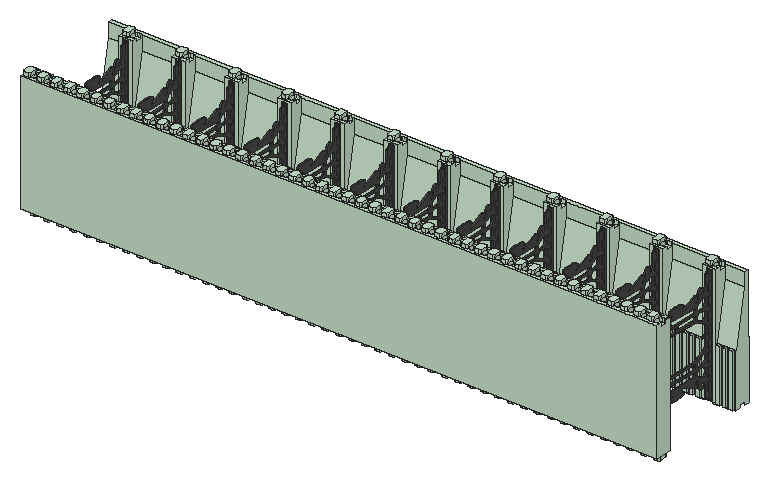
Revit family (continued)
Forms (in)
  Extrusion 106, void
    sketch origin (90, -6, 0) x (-1, 0, 0) y (0, -1, 0)
      loop
        arc (2, 4.89808) -> (1.95215, 5.04517) -> (1.82692, 5.13595) r 0.25
        arc (1.82692, 5.13595) -> (1.5, 5.1875) -> (1.17308, 5.13595) r 1.0625
        arc (1.17308, 5.13595) -> (1.04785, 5.04517) -> (1, 4.89808) r 0.25
    from 0 to 0.5
  Extrusion 107, void
    sketch origin (92, -6, 0) x (-1, 0, 0) y (0, -1, 0)
      loop
        line (1, 4.89808) -> (1, 3.97692)
        arc (1, 3.97692) -> (1.04785, 3.82983) -> (1.17308, 3.73905) r 0.25
        arc (1.17308, 3.73905) -> (1.42092, 3.69045) -> (1.67323, 3.70172) r 1.0625
        arc (1.67323, 3.70172) -> (1.72385, 3.68771) -> (1.74592, 3.64005) r 0.0625
        line (1.74592, 3.64005) -> (1.74592, 3.41845) -> (1.91675, 3.41845) -> (1.91675, 3.76455)
        arc (1.91675, 3.76455) -> (1.92106, 3.78736) -> (1.9334, 3.80702) r 0.0625
        arc (1.9334, 3.80702) -> (1.98276, 3.88568) -> (2, 3.97692) r 0.25
        line (2, 3.97692) -> (2, 4.89808)
        arc (2, 4.89808) -> (1.95215, 5.04517) -> (1.82692, 5.13595) r 0.25
        arc (1.82692, 5.13595) -> (1.5, 5.1875) -> (1.17308, 5.13595) r 1.0625
        arc (1.17308, 5.13595) -> (1.04785, 5.04517) -> (1, 4.89808) r 0.25
    from 0 to 0.5
  Extrusion 108, void
    sketch origin (94, -6, 0) x (-1, 0, 0) y (0, -1, 0)
      loop
        line (1, 4.89808) -> (1, 3.97692)
        arc (1, 3.97692) -> (1.04785, 3.82983) -> (1.17308, 3.73905) r 0.25
        arc (1.17308, 3.73905) -> (1.42092, 3.69045) -> (1.67323, 3.70172) r 1.0625
        arc (1.67323, 3.70172) -> (1.72385, 3.68771) -> (1.74592, 3.64005) r 0.0625
        line (1.74592, 3.64005) -> (1.74592, 3.41845) -> (1.91675, 3.41845) -> (1.91675, 3.76455)
        arc (1.91675, 3.76455) -> (1.92106, 3.78736) -> (1.9334, 3.80702) r 0.0625
        arc (1.9334, 3.80702) -> (1.98276, 3.88568) -> (2, 3.97692) r 0.25
        line (2, 3.97692) -> (2, 4.89808)
        arc (2, 4.89808) -> (1.95215, 5.04517) -> (1.82692, 5.13595) r 0.25
        arc (1.82692, 5.13595) -> (1.5, 5.1875) -> (1.17308, 5.13595) r 1.0625
        arc (1.17308, 5.13595) -> (1.04785, 5.04517) -> (1, 4.89808) r 0.25
    from 0 to 0.5
  Extrusion 109, void
    sketch origin (96, -6, 0) x (-1, 0, 0) y (0, -1, 0)
      loop
        line (1, 4.89808) -> (1, 3.97692)
        arc (1, 3.97692) -> (1.04785, 3.82983) -> (1.17308, 3.73905) r 0.25
        arc (1.17308, 3.73905) -> (1.42092, 3.69045) -> (1.67323, 3.70172) r 1.0625
        arc (1.67323, 3.70172) -> (1.72385, 3.68771) -> (1.74592, 3.64005) r 0.0625
        line (1.74592, 3.64005) -> (1.74592, 3.41845) -> (1.91675, 3.41845) -> (1.91675, 3.76455)
        arc (1.91675, 3.76455) -> (1.92106, 3.78736) -> (1.9334, 3.80702) r 0.0625
        arc (1.9334, 3.80702) -> (1.98276, 3.88568) -> (2, 3.97692) r 0.25
        line (2, 3.97692) -> (2, 4.89808)
        arc (2, 4.89808) -> (1.95215, 5.04517) -> (1.82692, 5.13595) r 0.25
        arc (1.82692, 5.13595) -> (1.5, 5.1875) -> (1.17308, 5.13595) r 1.0625
        arc (1.17308, 5.13595) -> (1.04785, 5.04517) -> (1, 4.89808) r 0.25
    from 0 to 0.5
  Extrusion 110, void
    sketch origin (94, 0, 0) x (1, 0, 0) y (0, 1, 0)
      loop
        line (1, 4.89808) -> (1, 3.97692)
        arc (1, 3.97692) -> (1.04785, 3.82983) -> (1.17308, 3.73905) r 0.25
        arc (1.17308, 3.73905) -> (1.42092, 3.69045) -> (1.67323, 3.70172) r 1.0625
        arc (1.67323, 3.70172) -> (1.72385, 3.68771) -> (1.74592, 3.64005) r 0.0625
        line (1.74592, 3.64005) -> (1.74592, 3.41845) -> (1.91675, 3.41845) -> (1.91675, 3.76455)
        arc (1.91675, 3.76455) -> (1.92106, 3.78736) -> (1.9334, 3.80702) r 0.0625
        arc (1.9334, 3.80702) -> (1.98276, 3.88568) -> (2, 3.97692) r 0.25
        line (2, 3.97692) -> (2, 4.89808)
        arc (2, 4.89808) -> (1.95215, 5.04517) -> (1.82692, 5.13595) r 0.25
        arc (1.82692, 5.13595) -> (1.5, 5.1875) -> (1.17308, 5.13595) r 1.0625
        arc (1.17308, 5.13595) -> (1.04785, 5.04517) -> (1, 4.89808) r 0.25
    from 0 to 0.5
  Extrusion 111, void
    sketch origin (92, 0, 0) x (1, 0, 0) y (0, 1, 0)
      loop
        line (1, 4.89808) -> (1, 3.97692)
        arc (1, 3.97692) -> (1.04785, 3.82983) -> (1.17308, 3.73905) r 0.25
        arc (1.17308, 3.73905) -> (1.42092, 3.69045) -> (1.67323, 3.70172) r 1.0625
        arc (1.67323, 3.70172) -> (1.72385, 3.68771) -> (1.74592, 3.64005) r 0.0625
        line (1.74592, 3.64005) -> (1.74592, 3.41845) -> (1.91675, 3.41845) -> (1.91675, 3.76455)
        arc (1.91675, 3.76455) -> (1.92106, 3.78736) -> (1.9334, 3.80702) r 0.0625
        arc (1.9334, 3.80702) -> (1.98276, 3.88568) -> (2, 3.97692) r 0.25
        line (2, 3.97692) -> (2, 4.89808)
        arc (2, 4.89808) -> (1.95215, 5.04517) -> (1.82692, 5.13595) r 0.25
        arc (1.82692, 5.13595) -> (1.5, 5.1875) -> (1.17308, 5.13595) r 1.0625
        arc (1.17308, 5.13595) -> (1.04785, 5.04517) -> (1, 4.89808) r 0.25
    from 0 to 0.5
  Extrusion 112, void
    sketch origin (90, 0, 0) x (1, 0, 0) y (0, 1, 0)
      loop
        line (1, 4.89808) -> (1, 3.97692)
        arc (1, 3.97692) -> (1.04785, 3.82983) -> (1.17308, 3.73905) r 0.25
        arc (1.17308, 3.73905) -> (1.42092, 3.69045) -> (1.67323, 3.70172) r 1.0625
        arc (1.67323, 3.70172) -> (1.72385, 3.68771) -> (1.74592, 3.64005) r 0.0625
        line (1.74592, 3.64005) -> (1.74592, 3.41845) -> (1.91675, 3.41845) -> (1.91675, 3.76455)
        arc (1.91675, 3.76455) -> (1.92106, 3.78736) -> (1.9334, 3.80702) r 0.0625
        arc (1.9334, 3.80702) -> (1.98276, 3.88568) -> (2, 3.97692) r 0.25
        line (2, 3.97692) -> (2, 4.89808)
        arc (2, 4.89808) -> (1.95215, 5.04517) -> (1.82692, 5.13595) r 0.25
        arc (1.82692, 5.13595) -> (1.5, 5.1875) -> (1.17308, 5.13595) r 1.0625
        arc (1.17308, 5.13595) -> (1.04785, 5.04517) -> (1, 4.89808) r 0.25
    from 0 to 0.5
  Extrusion 113, void
    sketch origin (88, 0, 0) x (1, 0, 0) y (0, 1, 0)
      loop
        line (1, 4.89808) -> (1, 3.97692)
        arc (1, 3.97692) -> (1.04785, 3.82983) -> (1.17308, 3.73905) r 0.25
        arc (1.17308, 3.73905) -> (1.42092, 3.69045) -> (1.67323, 3.70172) r 1.0625
        arc (1.67323, 3.70172) -> (1.72385, 3.68771) -> (1.74592, 3.64005) r 0.0625
        line (1.74592, 3.64005) -> (1.74592, 3.41845) -> (1.91675, 3.41845) -> (1.91675, 3.76455)
        arc (1.91675, 3.76455) -> (1.92106, 3.78736) -> (1.9334, 3.80702) r 0.0625
        arc (1.9334, 3.80702) -> (1.98276, 3.88568) -> (2, 3.97692) r 0.25
        line (2, 3.97692) -> (2, 4.89808)
        arc (2, 4.89808) -> (1.95215, 5.04517) -> (1.82692, 5.13595) r 0.25
        arc (1.82692, 5.13595) -> (1.5, 5.1875) -> (1.17308, 5.13595) r 1.0625
        arc (1.17308, 5.13595) -> (1.04785, 5.04517) -> (1, 4.89808) r 0.25
    from 0 to 0.5
  Extrusion 114, void
    sketch origin (86, 0, 0) x (1, 0, 0) y (0, 1, 0)
      loop
        line (1, 4.89808) -> (1, 3.97692)
        arc (1, 3.97692) -> (1.04785, 3.82983) -> (1.17308, 3.73905) r 0.25
        arc (1.17308, 3.73905) -> (1.42092, 3.69045) -> (1.67323, 3.70172) r 1.0625
        arc (1.67323, 3.70172) -> (1.72385, 3.68771) -> (1.74592, 3.64005) r 0.0625
        line (1.74592, 3.64005) -> (1.74592, 3.41845) -> (1.91675, 3.41845) -> (1.91675, 3.76455)
        arc (1.91675, 3.76455) -> (1.92106, 3.78736) -> (1.9334, 3.80702) r 0.0625
        arc (1.9334, 3.80702) -> (1.98276, 3.88568) -> (2, 3.97692) r 0.25
        line (2, 3.97692) -> (2, 4.89808)
        arc (2, 4.89808) -> (1.95215, 5.04517) -> (1.82692, 5.13595) r 0.25
        arc (1.82692, 5.13595) -> (1.5, 5.1875) -> (1.17308, 5.13595) r 1.0625
        arc (1.17308, 5.13595) -> (1.04785, 5.04517) -> (1, 4.89808) r 0.25
    from 0 to 0.5
  Extrusion 115, void
    sketch origin (84, 0, 0) x (1, 0, 0) y (0, 1, 0)
      loop
        line (1, 4.89808) -> (1, 3.97692)
        arc (1, 3.97692) -> (1.04785, 3.82983) -> (1.17308, 3.73905) r 0.25
        arc (1.17308, 3.73905) -> (1.42092, 3.69045) -> (1.67323, 3.70172) r 1.0625
        arc (1.67323, 3.70172) -> (1.72385, 3.68771) -> (1.74592, 3.64005) r 0.0625
        line (1.74592, 3.64005) -> (1.74592, 3.41845) -> (1.91675, 3.41845) -> (1.91675, 3.76455)
        arc (1.91675, 3.76455) -> (1.92106, 3.78736) -> (1.9334, 3.80702) r 0.0625
        arc (1.9334, 3.80702) -> (1.98276, 3.88568) -> (2, 3.97692) r 0.25
        line (2, 3.97692) -> (2, 4.89808)
        arc (2, 4.89808) -> (1.95215, 5.04517) -> (1.82692, 5.13595) r 0.25
        arc (1.82692, 5.13595) -> (1.5, 5.1875) -> (1.17308, 5.13595) r 1.0625
        arc (1.17308, 5.13595) -> (1.04785, 5.04517) -> (1, 4.89808) r 0.25
    from 0 to 0.5
  Extrusion 116, void
    sketch origin (82, 0, 0) x (1, 0, 0) y (0, 1, 0)
      loop
        line (1, 4.89808) -> (1, 3.97692)
        arc (1, 3.97692) -> (1.04785, 3.82983) -> (1.17308, 3.73905) r 0.25
        arc (1.17308, 3.73905) -> (1.42092, 3.69045) -> (1.67323, 3.70172) r 1.0625
        arc (1.67323, 3.70172) -> (1.72385, 3.68771) -> (1.74592, 3.64005) r 0.0625
        line (1.74592, 3.64005) -> (1.74592, 3.41845) -> (1.91675, 3.41845) -> (1.91675, 3.76455)
        arc (1.91675, 3.76455) -> (1.92106, 3.78736) -> (1.9334, 3.80702) r 0.0625
        arc (1.9334, 3.80702) -> (1.98276, 3.88568) -> (2, 3.97692) r 0.25
        line (2, 3.97692) -> (2, 4.89808)
        arc (2, 4.89808) -> (1.95215, 5.04517) -> (1.82692, 5.13595) r 0.25
        arc (1.82692, 5.13595) -> (1.5, 5.1875) -> (1.17308, 5.13595) r 1.0625
        arc (1.17308, 5.13595) -> (1.04785, 5.04517) -> (1, 4.89808) r 0.25
    from 0 to 0.5
  Extrusion 117, void
    sketch origin (80, 0, 0) x (1, 0, 0) y (0, 1, 0)
      loop
        line (1, 4.89808) -> (1, 3.97692)
        arc (1, 3.97692) -> (1.04785, 3.82983) -> (1.17308, 3.73905) r 0.25
        arc (1.17308, 3.73905) -> (1.42092, 3.69045) -> (1.67323, 3.70172) r 1.0625
        arc (1.67323, 3.70172) -> (1.72385, 3.68771) -> (1.74592, 3.64005) r 0.0625
        line (1.74592, 3.64005) -> (1.74592, 3.41845) -> (1.91675, 3.41845) -> (1.91675, 3.76455)
        arc (1.91675, 3.76455) -> (1.92106, 3.78736) -> (1.9334, 3.80702) r 0.0625
        arc (1.9334, 3.80702) -> (1.98276, 3.88568) -> (2, 3.97692) r 0.25
        line (2, 3.97692) -> (2, 4.89808)
        arc (2, 4.89808) -> (1.95215, 5.04517) -> (1.82692, 5.13595) r 0.25
        arc (1.82692, 5.13595) -> (1.5, 5.1875) -> (1.17308, 5.13595) r 1.0625
        arc (1.17308, 5.13595) -> (1.04785, 5.04517) -> (1, 4.89808) r 0.25
    from 0 to 0.5
  Extrusion 118, void
    sketch origin (78, 0, 0) x (1, 0, 0) y (0, 1, 0)
      loop
        line (1, 4.89808) -> (1, 3.97692)
        arc (1, 3.97692) -> (1.04785, 3.82983) -> (1.17308, 3.73905) r 0.25
        arc (1.17308, 3.73905) -> (1.42092, 3.69045) -> (1.67323, 3.70172) r 1.0625
        arc (1.67323, 3.70172) -> (1.72385, 3.68771) -> (1.74592, 3.64005) r 0.0625
        line (1.74592, 3.64005) -> (1.74592, 3.41845) -> (1.91675, 3.41845) -> (1.91675, 3.76455)
        arc (1.91675, 3.76455) -> (1.92106, 3.78736) -> (1.9334, 3.80702) r 0.0625
        arc (1.9334, 3.80702) -> (1.98276, 3.88568) -> (2, 3.97692) r 0.25
        line (2, 3.97692) -> (2, 4.89808)
        arc (2, 4.89808) -> (1.95215, 5.04517) -> (1.82692, 5.13595) r 0.25
        arc (1.82692, 5.13595) -> (1.5, 5.1875) -> (1.17308, 5.13595) r 1.0625
        arc (1.17308, 5.13595) -> (1.04785, 5.04517) -> (1, 4.89808) r 0.25
    from 0 to 0.5
  Extrusion 119, void
    sketch origin (76, 0, 0) x (1, 0, 0) y (0, 1, 0)
      loop
        line (1, 4.89808) -> (1, 3.97692)
        arc (1, 3.97692) -> (1.04785, 3.82983) -> (1.17308, 3.73905) r 0.25
        arc (1.17308, 3.73905) -> (1.42092, 3.69045) -> (1.67323, 3.70172) r 1.0625
        arc (1.67323, 3.70172) -> (1.72385, 3.68771) -> (1.74592, 3.64005) r 0.0625
        line (1.74592, 3.64005) -> (1.74592, 3.41845) -> (1.91675, 3.41845) -> (1.91675, 3.76455)
        arc (1.91675, 3.76455) -> (1.92106, 3.78736) -> (1.9334, 3.80702) r 0.0625
        arc (1.9334, 3.80702) -> (1.98276, 3.88568) -> (2, 3.97692) r 0.25
        line (2, 3.97692) -> (2, 4.89808)
        arc (2, 4.89808) -> (1.95215, 5.04517) -> (1.82692, 5.13595) r 0.25
        arc (1.82692, 5.13595) -> (1.5, 5.1875) -> (1.17308, 5.13595) r 1.0625
        arc (1.17308, 5.13595) -> (1.04785, 5.04517) -> (1, 4.89808) r 0.25
    from 0 to 0.5
  Extrusion 120, void
    sketch origin (74, 0, 0) x (1, 0, 0) y (0, 1, 0)
      loop
        line (1, 4.89808) -> (1, 3.97692)
        arc (1, 3.97692) -> (1.04785, 3.82983) -> (1.17308, 3.73905) r 0.25
        arc (1.17308, 3.73905) -> (1.42092, 3.69045) -> (1.67323, 3.70172) r 1.0625
        arc (1.67323, 3.70172) -> (1.72385, 3.68771) -> (1.74592, 3.64005) r 0.0625
        line (1.74592, 3.64005) -> (1.74592, 3.41845) -> (1.91675, 3.41845) -> (1.91675, 3.76455)
        arc (1.91675, 3.76455) -> (1.92106, 3.78736) -> (1.9334, 3.80702) r 0.0625
        arc (1.9334, 3.80702) -> (1.98276, 3.88568) -> (2, 3.97692) r 0.25
        line (2, 3.97692) -> (2, 4.89808)
        arc (2, 4.89808) -> (1.95215, 5.04517) -> (1.82692, 5.13595) r 0.25
        arc (1.82692, 5.13595) -> (1.5, 5.1875) -> (1.17308, 5.13595) r 1.0625
        arc (1.17308, 5.13595) -> (1.04785, 5.04517) -> (1, 4.89808) r 0.25
    from 0 to 0.5
  Extrusion 121, void
    sketch origin (72, 0, 0) x (1, 0, 0) y (0, 1, 0)
      loop
        line (1, 4.89808) -> (1, 3.97692)
        arc (1, 3.97692) -> (1.04785, 3.82983) -> (1.17308, 3.73905) r 0.25
        arc (1.17308, 3.73905) -> (1.42092, 3.69045) -> (1.67323, 3.70172) r 1.0625
        arc (1.67323, 3.70172) -> (1.72385, 3.68771) -> (1.74592, 3.64005) r 0.0625
        line (1.74592, 3.64005) -> (1.74592, 3.41845) -> (1.91675, 3.41845) -> (1.91675, 3.76455)
        arc (1.91675, 3.76455) -> (1.92106, 3.78736) -> (1.9334, 3.80702) r 0.0625
        arc (1.9334, 3.80702) -> (1.98276, 3.88568) -> (2, 3.97692) r 0.25
        line (2, 3.97692) -> (2, 4.89808)
        arc (2, 4.89808) -> (1.95215, 5.04517) -> (1.82692, 5.13595) r 0.25
        arc (1.82692, 5.13595) -> (1.5, 5.1875) -> (1.17308, 5.13595) r 1.0625
        arc (1.17308, 5.13595) -> (1.04785, 5.04517) -> (1, 4.89808) r 0.25
    from 0 to 0.5
  Extrusion 122, void
    sketch origin (70, 0, 0) x (1, 0, 0) y (0, 1, 0)
      loop
        line (1, 4.89808) -> (1, 3.97692)
        arc (1, 3.97692) -> (1.04785, 3.82983) -> (1.17308, 3.73905) r 0.25
        arc (1.17308, 3.73905) -> (1.42092, 3.69045) -> (1.67323, 3.70172) r 1.0625
        arc (1.67323, 3.70172) -> (1.72385, 3.68771) -> (1.74592, 3.64005) r 0.0625
        line (1.74592, 3.64005) -> (1.74592, 3.41845) -> (1.91675, 3.41845) -> (1.91675, 3.76455)
        arc (1.91675, 3.76455) -> (1.92106, 3.78736) -> (1.9334, 3.80702) r 0.0625
        arc (1.9334, 3.80702) -> (1.98276, 3.88568) -> (2, 3.97692) r 0.25
        line (2, 3.97692) -> (2, 4.89808)
        arc (2, 4.89808) -> (1.95215, 5.04517) -> (1.82692, 5.13595) r 0.25
        arc (1.82692, 5.13595) -> (1.5, 5.1875) -> (1.17308, 5.13595) r 1.0625
        arc (1.17308, 5.13595) -> (1.04785, 5.04517) -> (1, 4.89808) r 0.25
    from 0 to 0.5
  Extrusion 123, void
    sketch origin (68, 0, 0) x (1, 0, 0) y (0, 1, 0)
      loop
        line (1, 4.89808) -> (1, 3.97692)
        arc (1, 3.97692) -> (1.04785, 3.82983) -> (1.17308, 3.73905) r 0.25
        arc (1.17308, 3.73905) -> (1.42092, 3.69045) -> (1.67323, 3.70172) r 1.0625
        arc (1.67323, 3.70172) -> (1.72385, 3.68771) -> (1.74592, 3.64005) r 0.0625
        line (1.74592, 3.64005) -> (1.74592, 3.41845) -> (1.91675, 3.41845) -> (1.91675, 3.76455)
        arc (1.91675, 3.76455) -> (1.92106, 3.78736) -> (1.9334, 3.80702) r 0.0625
        arc (1.9334, 3.80702) -> (1.98276, 3.88568) -> (2, 3.97692) r 0.25
        line (2, 3.97692) -> (2, 4.89808)
        arc (2, 4.89808) -> (1.95215, 5.04517) -> (1.82692, 5.13595) r 0.25
        arc (1.82692, 5.13595) -> (1.5, 5.1875) -> (1.17308, 5.13595) r 1.0625
        arc (1.17308, 5.13595) -> (1.04785, 5.04517) -> (1, 4.89808) r 0.25
    from 0 to 0.5
  Extrusion 124, void
    sketch origin (66, 0, 0) x (1, 0, 0) y (0, 1, 0)
      loop
        line (1, 4.89808) -> (1, 3.97692)
        arc (1, 3.97692) -> (1.04785, 3.82983) -> (1.17308, 3.73905) r 0.25
        arc (1.17308, 3.73905) -> (1.42092, 3.69045) -> (1.67323, 3.70172) r 1.0625
        arc (1.67323, 3.70172) -> (1.72385, 3.68771) -> (1.74592, 3.64005) r 0.0625
        line (1.74592, 3.64005) -> (1.74592, 3.41845) -> (1.91675, 3.41845) -> (1.91675, 3.76455)
        arc (1.91675, 3.76455) -> (1.92106, 3.78736) -> (1.9334, 3.80702) r 0.0625
        arc (1.9334, 3.80702) -> (1.98276, 3.88568) -> (2, 3.97692) r 0.25
        line (2, 3.97692) -> (2, 4.89808)
        arc (2, 4.89808) -> (1.95215, 5.04517) -> (1.82692, 5.13595) r 0.25
        arc (1.82692, 5.13595) -> (1.5, 5.1875) -> (1.17308, 5.13595) r 1.0625
        arc (1.17308, 5.13595) -> (1.04785, 5.04517) -> (1, 4.89808) r 0.25
    from 0 to 0.5
  Extrusion 125, void
    sketch origin (64, 0, 0) x (1, 0, 0) y (0, 1, 0)
      loop
        line (1, 4.89808) -> (1, 3.97692)
        arc (1, 3.97692) -> (1.04785, 3.82983) -> (1.17308, 3.73905) r 0.25
        arc (1.17308, 3.73905) -> (1.42092, 3.69045) -> (1.67323, 3.70172) r 1.0625
        arc (1.67323, 3.70172) -> (1.72385, 3.68771) -> (1.74592, 3.64005) r 0.0625
        line (1.74592, 3.64005) -> (1.74592, 3.41845) -> (1.91675, 3.41845) -> (1.91675, 3.76455)
        arc (1.91675, 3.76455) -> (1.92106, 3.78736) -> (1.9334, 3.80702) r 0.0625
        arc (1.9334, 3.80702) -> (1.98276, 3.88568) -> (2, 3.97692) r 0.25
        line (2, 3.97692) -> (2, 4.89808)
        arc (2, 4.89808) -> (1.95215, 5.04517) -> (1.82692, 5.13595) r 0.25
        arc (1.82692, 5.13595) -> (1.5, 5.1875) -> (1.17308, 5.13595) r 1.0625
        arc (1.17308, 5.13595) -> (1.04785, 5.04517) -> (1, 4.89808) r 0.25
    from 0 to 0.5
  Extrusion 126, void
    sketch origin (62, 0, 0) x (1, 0, 0) y (0, 1, 0)
      loop
        line (1, 4.89808) -> (1, 3.97692)
        arc (1, 3.97692) -> (1.04785, 3.82983) -> (1.17308, 3.73905) r 0.25
        arc (1.17308, 3.73905) -> (1.42092, 3.69045) -> (1.67323, 3.70172) r 1.0625
        arc (1.67323, 3.70172) -> (1.72385, 3.68771) -> (1.74592, 3.64005) r 0.0625
        line (1.74592, 3.64005) -> (1.74592, 3.41845) -> (1.91675, 3.41845) -> (1.91675, 3.76455)
        arc (1.91675, 3.76455) -> (1.92106, 3.78736) -> (1.9334, 3.80702) r 0.0625
        arc (1.9334, 3.80702) -> (1.98276, 3.88568) -> (2, 3.97692) r 0.25
        line (2, 3.97692) -> (2, 4.89808)
        arc (2, 4.89808) -> (1.95215, 5.04517) -> (1.82692, 5.13595) r 0.25
        arc (1.82692, 5.13595) -> (1.5, 5.1875) -> (1.17308, 5.13595) r 1.0625
        arc (1.17308, 5.13595) -> (1.04785, 5.04517) -> (1, 4.89808) r 0.25
    from 0 to 0.5
  Extrusion 127, void
    sketch origin (60, 0, 0) x (1, 0, 0) y (0, 1, 0)
      loop
        line (1, 4.89808) -> (1, 3.97692)
        arc (1, 3.97692) -> (1.04785, 3.82983) -> (1.17308, 3.73905) r 0.25
        arc (1.17308, 3.73905) -> (1.42092, 3.69045) -> (1.67323, 3.70172) r 1.0625
        arc (1.67323, 3.70172) -> (1.72385, 3.68771) -> (1.74592, 3.64005) r 0.0625
        line (1.74592, 3.64005) -> (1.74592, 3.41845) -> (1.91675, 3.41845) -> (1.91675, 3.76455)
        arc (1.91675, 3.76455) -> (1.92106, 3.78736) -> (1.9334, 3.80702) r 0.0625
        arc (1.9334, 3.80702) -> (1.98276, 3.88568) -> (2, 3.97692) r 0.25
        line (2, 3.97692) -> (2, 4.89808)
        arc (2, 4.89808) -> (1.95215, 5.04517) -> (1.82692, 5.13595) r 0.25
        arc (1.82692, 5.13595) -> (1.5, 5.1875) -> (1.17308, 5.13595) r 1.0625
        arc (1.17308, 5.13595) -> (1.04785, 5.04517) -> (1, 4.89808) r 0.25
    from 0 to 0.5
  Extrusion 128, void
    sketch origin (58, 0, 0) x (1, 0, 0) y (0, 1, 0)
      loop
        line (1, 4.89808) -> (1, 3.97692)
        arc (1, 3.97692) -> (1.04785, 3.82983) -> (1.17308, 3.73905) r 0.25
        arc (1.17308, 3.73905) -> (1.42092, 3.69045) -> (1.67323, 3.70172) r 1.0625
        arc (1.67323, 3.70172) -> (1.72385, 3.68771) -> (1.74592, 3.64005) r 0.0625
        line (1.74592, 3.64005) -> (1.74592, 3.41845) -> (1.91675, 3.41845) -> (1.91675, 3.76455)
        arc (1.91675, 3.76455) -> (1.92106, 3.78736) -> (1.9334, 3.80702) r 0.0625
        arc (1.9334, 3.80702) -> (1.98276, 3.88568) -> (2, 3.97692) r 0.25
        line (2, 3.97692) -> (2, 4.89808)
        arc (2, 4.89808) -> (1.95215, 5.04517) -> (1.82692, 5.13595) r 0.25
        arc (1.82692, 5.13595) -> (1.5, 5.1875) -> (1.17308, 5.13595) r 1.0625
        arc (1.17308, 5.13595) -> (1.04785, 5.04517) -> (1, 4.89808) r 0.25
    from 0 to 0.5
  Extrusion 129, void
    sketch origin (56, 0, 0) x (1, 0, 0) y (0, 1, 0)
      loop
        line (1, 4.89808) -> (1, 3.97692)
        arc (1, 3.97692) -> (1.04785, 3.82983) -> (1.17308, 3.73905) r 0.25
        arc (1.17308, 3.73905) -> (1.42092, 3.69045) -> (1.67323, 3.70172) r 1.0625
        arc (1.67323, 3.70172) -> (1.72385, 3.68771) -> (1.74592, 3.64005) r 0.0625
        line (1.74592, 3.64005) -> (1.74592, 3.41845) -> (1.91675, 3.41845) -> (1.91675, 3.76455)
        arc (1.91675, 3.76455) -> (1.92106, 3.78736) -> (1.9334, 3.80702) r 0.0625
        arc (1.9334, 3.80702) -> (1.98276, 3.88568) -> (2, 3.97692) r 0.25
        line (2, 3.97692) -> (2, 4.89808)
        arc (2, 4.89808) -> (1.95215, 5.04517) -> (1.82692, 5.13595) r 0.25
        arc (1.82692, 5.13595) -> (1.5, 5.1875) -> (1.17308, 5.13595) r 1.0625
        arc (1.17308, 5.13595) -> (1.04785, 5.04517) -> (1, 4.89808) r 0.25
    from 0 to 0.5
  Extrusion 130, void
    sketch origin (54, 0, 0) x (1, 0, 0) y (0, 1, 0)
      loop
        line (1, 4.89808) -> (1, 3.97692)
        arc (1, 3.97692) -> (1.04785, 3.82983) -> (1.17308, 3.73905) r 0.25
        arc (1.17308, 3.73905) -> (1.42092, 3.69045) -> (1.67323, 3.70172) r 1.0625
        arc (1.67323, 3.70172) -> (1.72385, 3.68771) -> (1.74592, 3.64005) r 0.0625
        line (1.74592, 3.64005) -> (1.74592, 3.41845) -> (1.91675, 3.41845) -> (1.91675, 3.76455)
        arc (1.91675, 3.76455) -> (1.92106, 3.78736) -> (1.9334, 3.80702) r 0.0625
        arc (1.9334, 3.80702) -> (1.98276, 3.88568) -> (2, 3.97692) r 0.25
        line (2, 3.97692) -> (2, 4.89808)
        arc (2, 4.89808) -> (1.95215, 5.04517) -> (1.82692, 5.13595) r 0.25
        arc (1.82692, 5.13595) -> (1.5, 5.1875) -> (1.17308, 5.13595) r 1.0625
        arc (1.17308, 5.13595) -> (1.04785, 5.04517) -> (1, 4.89808) r 0.25
    from 0 to 0.5
  Extrusion 131, void
    sketch origin (52, 0, 0) x (1, 0, 0) y (0, 1, 0)
      loop
        line (1, 4.89808) -> (1, 3.97692)
        arc (1, 3.97692) -> (1.04785, 3.82983) -> (1.17308, 3.73905) r 0.25
        arc (1.17308, 3.73905) -> (1.42092, 3.69045) -> (1.67323, 3.70172) r 1.0625
        arc (1.67323, 3.70172) -> (1.72385, 3.68771) -> (1.74592, 3.64005) r 0.0625
        line (1.74592, 3.64005) -> (1.74592, 3.41845) -> (1.91675, 3.41845) -> (1.91675, 3.76455)
        arc (1.91675, 3.76455) -> (1.92106, 3.78736) -> (1.9334, 3.80702) r 0.0625
        arc (1.9334, 3.80702) -> (1.98276, 3.88568) -> (2, 3.97692) r 0.25
        line (2, 3.97692) -> (2, 4.89808)
        arc (2, 4.89808) -> (1.95215, 5.04517) -> (1.82692, 5.13595) r 0.25
        arc (1.82692, 5.13595) -> (1.5, 5.1875) -> (1.17308, 5.13595) r 1.0625
        arc (1.17308, 5.13595) -> (1.04785, 5.04517) -> (1, 4.89808) r 0.25
    from 0 to 0.5
  Extrusion 132, void
    sketch origin (50, 0, 0) x (1, 0, 0) y (0, 1, 0)
      loop
        line (1, 4.89808) -> (1, 3.97692)
        arc (1, 3.97692) -> (1.04785, 3.82983) -> (1.17308, 3.73905) r 0.25
        arc (1.17308, 3.73905) -> (1.42092, 3.69045) -> (1.67323, 3.70172) r 1.0625
        arc (1.67323, 3.70172) -> (1.72385, 3.68771) -> (1.74592, 3.64005) r 0.0625
        line (1.74592, 3.64005) -> (1.74592, 3.41845) -> (1.91675, 3.41845) -> (1.91675, 3.76455)
        arc (1.91675, 3.76455) -> (1.92106, 3.78736) -> (1.9334, 3.80702) r 0.0625
        arc (1.9334, 3.80702) -> (1.98276, 3.88568) -> (2, 3.97692) r 0.25
        line (2, 3.97692) -> (2, 4.89808)
        arc (2, 4.89808) -> (1.95215, 5.04517) -> (1.82692, 5.13595) r 0.25
        arc (1.82692, 5.13595) -> (1.5, 5.1875) -> (1.17308, 5.13595) r 1.0625
        arc (1.17308, 5.13595) -> (1.04785, 5.04517) -> (1, 4.89808) r 0.25
    from 0 to 0.5
  Extrusion 133, void
    sketch origin (48, 0, 0) x (1, 0, 0) y (0, 1, 0)
      loop
        line (1, 4.89808) -> (1, 3.97692)
        arc (1, 3.97692) -> (1.04785, 3.82983) -> (1.17308, 3.73905) r 0.25
        arc (1.17308, 3.73905) -> (1.42092, 3.69045) -> (1.67323, 3.70172) r 1.0625
        arc (1.67323, 3.70172) -> (1.72385, 3.68771) -> (1.74592, 3.64005) r 0.0625
        line (1.74592, 3.64005) -> (1.74592, 3.41845) -> (1.91675, 3.41845) -> (1.91675, 3.76455)
        arc (1.91675, 3.76455) -> (1.92106, 3.78736) -> (1.9334, 3.80702) r 0.0625
        arc (1.9334, 3.80702) -> (1.98276, 3.88568) -> (2, 3.97692) r 0.25
        line (2, 3.97692) -> (2, 4.89808)
        arc (2, 4.89808) -> (1.95215, 5.04517) -> (1.82692, 5.13595) r 0.25
        arc (1.82692, 5.13595) -> (1.5, 5.1875) -> (1.17308, 5.13595) r 1.0625
        arc (1.17308, 5.13595) -> (1.04785, 5.04517) -> (1, 4.89808) r 0.25
    from 0 to 0.5
  Extrusion 134, void
    sketch origin (46, 0, 0) x (1, 0, 0) y (0, 1, 0)
      loop
        line (1, 4.89808) -> (1, 3.97692)
        arc (1, 3.97692) -> (1.04785, 3.82983) -> (1.17308, 3.73905) r 0.25
        arc (1.17308, 3.73905) -> (1.42092, 3.69045) -> (1.67323, 3.70172) r 1.0625
        arc (1.67323, 3.70172) -> (1.72385, 3.68771) -> (1.74592, 3.64005) r 0.0625
        line (1.74592, 3.64005) -> (1.74592, 3.41845) -> (1.91675, 3.41845) -> (1.91675, 3.76455)
        arc (1.91675, 3.76455) -> (1.92106, 3.78736) -> (1.9334, 3.80702) r 0.0625
        arc (1.9334, 3.80702) -> (1.98276, 3.88568) -> (2, 3.97692) r 0.25
        line (2, 3.97692) -> (2, 4.89808)
        arc (2, 4.89808) -> (1.95215, 5.04517) -> (1.82692, 5.13595) r 0.25
        arc (1.82692, 5.13595) -> (1.5, 5.1875) -> (1.17308, 5.13595) r 1.0625
        arc (1.17308, 5.13595) -> (1.04785, 5.04517) -> (1, 4.89808) r 0.25
    from 0 to 0.5
  Extrusion 135, void
    sketch origin (44, 0, 0) x (1, 0, 0) y (0, 1, 0)
      loop
        line (1, 4.89808) -> (1, 3.97692)
        arc (1, 3.97692) -> (1.04785, 3.82983) -> (1.17308, 3.73905) r 0.25
        arc (1.17308, 3.73905) -> (1.42092, 3.69045) -> (1.67323, 3.70172) r 1.0625
        arc (1.67323, 3.70172) -> (1.72385, 3.68771) -> (1.74592, 3.64005) r 0.0625
        line (1.74592, 3.64005) -> (1.74592, 3.41845) -> (1.91675, 3.41845) -> (1.91675, 3.76455)
        arc (1.91675, 3.76455) -> (1.92106, 3.78736) -> (1.9334, 3.80702) r 0.0625
        arc (1.9334, 3.80702) -> (1.98276, 3.88568) -> (2, 3.97692) r 0.25
        line (2, 3.97692) -> (2, 4.89808)
        arc (2, 4.89808) -> (1.95215, 5.04517) -> (1.82692, 5.13595) r 0.25
        arc (1.82692, 5.13595) -> (1.5, 5.1875) -> (1.17308, 5.13595) r 1.0625
        arc (1.17308, 5.13595) -> (1.04785, 5.04517) -> (1, 4.89808) r 0.25
    from 0 to 0.5
  Extrusion 136, void
    sketch origin (42, 0, 0) x (1, 0, 0) y (0, 1, 0)
      loop
        line (1, 4.89808) -> (1, 3.97692)
        arc (1, 3.97692) -> (1.04785, 3.82983) -> (1.17308, 3.73905) r 0.25
        arc (1.17308, 3.73905) -> (1.42092, 3.69045) -> (1.67323, 3.70172) r 1.0625
        arc (1.67323, 3.70172) -> (1.72385, 3.68771) -> (1.74592, 3.64005) r 0.0625
        line (1.74592, 3.64005) -> (1.74592, 3.41845) -> (1.91675, 3.41845) -> (1.91675, 3.76455)
        arc (1.91675, 3.76455) -> (1.92106, 3.78736) -> (1.9334, 3.80702) r 0.0625
        arc (1.9334, 3.80702) -> (1.98276, 3.88568) -> (2, 3.97692) r 0.25
        line (2, 3.97692) -> (2, 4.89808)
        arc (2, 4.89808) -> (1.95215, 5.04517) -> (1.82692, 5.13595) r 0.25
        arc (1.82692, 5.13595) -> (1.5, 5.1875) -> (1.17308, 5.13595) r 1.0625
        arc (1.17308, 5.13595) -> (1.04785, 5.04517) -> (1, 4.89808) r 0.25
    from 0 to 0.5
  Extrusion 137, void
    sketch origin (40, 0, 0) x (1, 0, 0) y (0, 1, 0)
      loop
        line (1, 4.89808) -> (1, 3.97692)
        arc (1, 3.97692) -> (1.04785, 3.82983) -> (1.17308, 3.73905) r 0.25
        arc (1.17308, 3.73905) -> (1.42092, 3.69045) -> (1.67323, 3.70172) r 1.0625
        arc (1.67323, 3.70172) -> (1.72385, 3.68771) -> (1.74592, 3.64005) r 0.0625
        line (1.74592, 3.64005) -> (1.74592, 3.41845) -> (1.91675, 3.41845) -> (1.91675, 3.76455)
        arc (1.91675, 3.76455) -> (1.92106, 3.78736) -> (1.9334, 3.80702) r 0.0625
        arc (1.9334, 3.80702) -> (1.98276, 3.88568) -> (2, 3.97692) r 0.25
        line (2, 3.97692) -> (2, 4.89808)
        arc (2, 4.89808) -> (1.95215, 5.04517) -> (1.82692, 5.13595) r 0.25
        arc (1.82692, 5.13595) -> (1.5, 5.1875) -> (1.17308, 5.13595) r 1.0625
        arc (1.17308, 5.13595) -> (1.04785, 5.04517) -> (1, 4.89808) r 0.25
    from 0 to 0.5
  Extrusion 138, void
    sketch origin (38, 0, 0) x (1, 0, 0) y (0, 1, 0)
      loop
        line (1, 4.89808) -> (1, 3.97692)
        arc (1, 3.97692) -> (1.04785, 3.82983) -> (1.17308, 3.73905) r 0.25
        arc (1.17308, 3.73905) -> (1.42092, 3.69045) -> (1.67323, 3.70172) r 1.0625
        arc (1.67323, 3.70172) -> (1.72385, 3.68771) -> (1.74592, 3.64005) r 0.0625
        line (1.74592, 3.64005) -> (1.74592, 3.41845) -> (1.91675, 3.41845) -> (1.91675, 3.76455)
        arc (1.91675, 3.76455) -> (1.92106, 3.78736) -> (1.9334, 3.80702) r 0.0625
        arc (1.9334, 3.80702) -> (1.98276, 3.88568) -> (2, 3.97692) r 0.25
        line (2, 3.97692) -> (2, 4.89808)
        arc (2, 4.89808) -> (1.95215, 5.04517) -> (1.82692, 5.13595) r 0.25
        arc (1.82692, 5.13595) -> (1.5, 5.1875) -> (1.17308, 5.13595) r 1.0625
        arc (1.17308, 5.13595) -> (1.04785, 5.04517) -> (1, 4.89808) r 0.25
    from 0 to 0.5
  Extrusion 139, void
    sketch origin (36, 0, 0) x (1, 0, 0) y (0, 1, 0)
      loop
        line (1, 4.89808) -> (1, 3.97692)
        arc (1, 3.97692) -> (1.04785, 3.82983) -> (1.17308, 3.73905) r 0.25
        arc (1.17308, 3.73905) -> (1.42092, 3.69045) -> (1.67323, 3.70172) r 1.0625
        arc (1.67323, 3.70172) -> (1.72385, 3.68771) -> (1.74592, 3.64005) r 0.0625
        line (1.74592, 3.64005) -> (1.74592, 3.41845) -> (1.91675, 3.41845) -> (1.91675, 3.76455)
        arc (1.91675, 3.76455) -> (1.92106, 3.78736) -> (1.9334, 3.80702) r 0.0625
        arc (1.9334, 3.80702) -> (1.98276, 3.88568) -> (2, 3.97692) r 0.25
        line (2, 3.97692) -> (2, 4.89808)
        arc (2, 4.89808) -> (1.95215, 5.04517) -> (1.82692, 5.13595) r 0.25
        arc (1.82692, 5.13595) -> (1.5, 5.1875) -> (1.17308, 5.13595) r 1.0625
        arc (1.17308, 5.13595) -> (1.04785, 5.04517) -> (1, 4.89808) r 0.25
    from 0 to 0.5
  Extrusion 140, void
    sketch origin (34, 0, 0) x (1, 0, 0) y (0, 1, 0)
      loop
        line (1, 4.89808) -> (1, 3.97692)
        arc (1, 3.97692) -> (1.04785, 3.82983) -> (1.17308, 3.73905) r 0.25
        arc (1.17308, 3.73905) -> (1.42092, 3.69045) -> (1.67323, 3.70172) r 1.0625
        arc (1.67323, 3.70172) -> (1.72385, 3.68771) -> (1.74592, 3.64005) r 0.0625
        line (1.74592, 3.64005) -> (1.74592, 3.41845) -> (1.91675, 3.41845) -> (1.91675, 3.76455)
        arc (1.91675, 3.76455) -> (1.92106, 3.78736) -> (1.9334, 3.80702) r 0.0625
        arc (1.9334, 3.80702) -> (1.98276, 3.88568) -> (2, 3.97692) r 0.25
        line (2, 3.97692) -> (2, 4.89808)
        arc (2, 4.89808) -> (1.95215, 5.04517) -> (1.82692, 5.13595) r 0.25
        arc (1.82692, 5.13595) -> (1.5, 5.1875) -> (1.17308, 5.13595) r 1.0625
        arc (1.17308, 5.13595) -> (1.04785, 5.04517) -> (1, 4.89808) r 0.25
    from 0 to 0.5
  Extrusion 141, void
    sketch origin (32, 0, 0) x (1, 0, 0) y (0, 1, 0)
      loop
        line (1, 4.89808) -> (1, 3.97692)
        arc (1, 3.97692) -> (1.04785, 3.82983) -> (1.17308, 3.73905) r 0.25
        arc (1.17308, 3.73905) -> (1.42092, 3.69045) -> (1.67323, 3.70172) r 1.0625
        arc (1.67323, 3.70172) -> (1.72385, 3.68771) -> (1.74592, 3.64005) r 0.0625
        line (1.74592, 3.64005) -> (1.74592, 3.41845) -> (1.91675, 3.41845) -> (1.91675, 3.76455)
        arc (1.91675, 3.76455) -> (1.92106, 3.78736) -> (1.9334, 3.80702) r 0.0625
        arc (1.9334, 3.80702) -> (1.98276, 3.88568) -> (2, 3.97692) r 0.25
        line (2, 3.97692) -> (2, 4.89808)
        arc (2, 4.89808) -> (1.95215, 5.04517) -> (1.82692, 5.13595) r 0.25
        arc (1.82692, 5.13595) -> (1.5, 5.1875) -> (1.17308, 5.13595) r 1.0625
        arc (1.17308, 5.13595) -> (1.04785, 5.04517) -> (1, 4.89808) r 0.25
    from 0 to 0.5
  Extrusion 142, void
    sketch origin (30, 0, 0) x (1, 0, 0) y (0, 1, 0)
      loop
        line (1, 4.89808) -> (1, 3.97692)
        arc (1, 3.97692) -> (1.04785, 3.82983) -> (1.17308, 3.73905) r 0.25
        arc (1.17308, 3.73905) -> (1.42092, 3.69045) -> (1.67323, 3.70172) r 1.0625
        arc (1.67323, 3.70172) -> (1.72385, 3.68771) -> (1.74592, 3.64005) r 0.0625
        line (1.74592, 3.64005) -> (1.74592, 3.41845) -> (1.91675, 3.41845) -> (1.91675, 3.76455)
        arc (1.91675, 3.76455) -> (1.92106, 3.78736) -> (1.9334, 3.80702) r 0.0625
        arc (1.9334, 3.80702) -> (1.98276, 3.88568) -> (2, 3.97692) r 0.25
        line (2, 3.97692) -> (2, 4.89808)
        arc (2, 4.89808) -> (1.95215, 5.04517) -> (1.82692, 5.13595) r 0.25
        arc (1.82692, 5.13595) -> (1.5, 5.1875) -> (1.17308, 5.13595) r 1.0625
        arc (1.17308, 5.13595) -> (1.04785, 5.04517) -> (1, 4.89808) r 0.25
    from 0 to 0.5
  Extrusion 143, void
    sketch origin (28, 0, 0) x (1, 0, 0) y (0, 1, 0)
      loop
        line (1, 4.89808) -> (1, 3.97692)
        arc (1, 3.97692) -> (1.04785, 3.82983) -> (1.17308, 3.73905) r 0.25
        arc (1.17308, 3.73905) -> (1.42092, 3.69045) -> (1.67323, 3.70172) r 1.0625
        arc (1.67323, 3.70172) -> (1.72385, 3.68771) -> (1.74592, 3.64005) r 0.0625
        line (1.74592, 3.64005) -> (1.74592, 3.41845) -> (1.91675, 3.41845) -> (1.91675, 3.76455)
        arc (1.91675, 3.76455) -> (1.92106, 3.78736) -> (1.9334, 3.80702) r 0.0625
        arc (1.9334, 3.80702) -> (1.98276, 3.88568) -> (2, 3.97692) r 0.25
        line (2, 3.97692) -> (2, 4.89808)
        arc (2, 4.89808) -> (1.95215, 5.04517) -> (1.82692, 5.13595) r 0.25
        arc (1.82692, 5.13595) -> (1.5, 5.1875) -> (1.17308, 5.13595) r 1.0625
        arc (1.17308, 5.13595) -> (1.04785, 5.04517) -> (1, 4.89808) r 0.25
    from 0 to 0.5
  Extrusion 144, void
    sketch origin (26, 0, 0) x (1, 0, 0) y (0, 1, 0)
      loop
        line (1, 4.89808) -> (1, 3.97692)
        arc (1, 3.97692) -> (1.04785, 3.82983) -> (1.17308, 3.73905) r 0.25
        arc (1.17308, 3.73905) -> (1.42092, 3.69045) -> (1.67323, 3.70172) r 1.0625
        arc (1.67323, 3.70172) -> (1.72385, 3.68771) -> (1.74592, 3.64005) r 0.0625
        line (1.74592, 3.64005) -> (1.74592, 3.41845) -> (1.91675, 3.41845) -> (1.91675, 3.76455)
        arc (1.91675, 3.76455) -> (1.92106, 3.78736) -> (1.9334, 3.80702) r 0.0625
        arc (1.9334, 3.80702) -> (1.98276, 3.88568) -> (2, 3.97692) r 0.25
        line (2, 3.97692) -> (2, 4.89808)
        arc (2, 4.89808) -> (1.95215, 5.04517) -> (1.82692, 5.13595) r 0.25
        arc (1.82692, 5.13595) -> (1.5, 5.1875) -> (1.17308, 5.13595) r 1.0625
        arc (1.17308, 5.13595) -> (1.04785, 5.04517) -> (1, 4.89808) r 0.25
    from 0 to 0.5
  Extrusion 145, void
    sketch origin (24, 0, 0) x (1, 0, 0) y (0, 1, 0)
      loop
        line (1, 4.89808) -> (1, 3.97692)
        arc (1, 3.97692) -> (1.04785, 3.82983) -> (1.17308, 3.73905) r 0.25
        arc (1.17308, 3.73905) -> (1.42092, 3.69045) -> (1.67323, 3.70172) r 1.0625
        arc (1.67323, 3.70172) -> (1.72385, 3.68771) -> (1.74592, 3.64005) r 0.0625
        line (1.74592, 3.64005) -> (1.74592, 3.41845) -> (1.91675, 3.41845) -> (1.91675, 3.76455)
        arc (1.91675, 3.76455) -> (1.92106, 3.78736) -> (1.9334, 3.80702) r 0.0625
        arc (1.9334, 3.80702) -> (1.98276, 3.88568) -> (2, 3.97692) r 0.25
        line (2, 3.97692) -> (2, 4.89808)
        arc (2, 4.89808) -> (1.95215, 5.04517) -> (1.82692, 5.13595) r 0.25
        arc (1.82692, 5.13595) -> (1.5, 5.1875) -> (1.17308, 5.13595) r 1.0625
        arc (1.17308, 5.13595) -> (1.04785, 5.04517) -> (1, 4.89808) r 0.25
    from 0 to 0.5
  Extrusion 146, void
    sketch origin (22, 0, 0) x (1, 0, 0) y (0, 1, 0)
      loop
        line (1, 4.89808) -> (1, 3.97692)
        arc (1, 3.97692) -> (1.04785, 3.82983) -> (1.17308, 3.73905) r 0.25
        arc (1.17308, 3.73905) -> (1.42092, 3.69045) -> (1.67323, 3.70172) r 1.0625
        arc (1.67323, 3.70172) -> (1.72385, 3.68771) -> (1.74592, 3.64005) r 0.0625
        line (1.74592, 3.64005) -> (1.74592, 3.41845) -> (1.91675, 3.41845) -> (1.91675, 3.76455)
        arc (1.91675, 3.76455) -> (1.92106, 3.78736) -> (1.9334, 3.80702) r 0.0625
        arc (1.9334, 3.80702) -> (1.98276, 3.88568) -> (2, 3.97692) r 0.25
        line (2, 3.97692) -> (2, 4.89808)
        arc (2, 4.89808) -> (1.95215, 5.04517) -> (1.82692, 5.13595) r 0.25
        arc (1.82692, 5.13595) -> (1.5, 5.1875) -> (1.17308, 5.13595) r 1.0625
        arc (1.17308, 5.13595) -> (1.04785, 5.04517) -> (1, 4.89808) r 0.25
    from 0 to 0.5
  Extrusion 147, void
    sketch origin (20, 0, 0) x (1, 0, 0) y (0, 1, 0)
      loop
        line (1, 4.89808) -> (1, 3.97692)
        arc (1, 3.97692) -> (1.04785, 3.82983) -> (1.17308, 3.73905) r 0.25
        arc (1.17308, 3.73905) -> (1.42092, 3.69045) -> (1.67323, 3.70172) r 1.0625
        arc (1.67323, 3.70172) -> (1.72385, 3.68771) -> (1.74592, 3.64005) r 0.0625
        line (1.74592, 3.64005) -> (1.74592, 3.41845) -> (1.91675, 3.41845) -> (1.91675, 3.76455)
        arc (1.91675, 3.76455) -> (1.92106, 3.78736) -> (1.9334, 3.80702) r 0.0625
        arc (1.9334, 3.80702) -> (1.98276, 3.88568) -> (2, 3.97692) r 0.25
        line (2, 3.97692) -> (2, 4.89808)
        arc (2, 4.89808) -> (1.95215, 5.04517) -> (1.82692, 5.13595) r 0.25
        arc (1.82692, 5.13595) -> (1.5, 5.1875) -> (1.17308, 5.13595) r 1.0625
        arc (1.17308, 5.13595) -> (1.04785, 5.04517) -> (1, 4.89808) r 0.25
    from 0 to 0.5
  Extrusion 148, void
    sketch origin (18, 0, 0) x (1, 0, 0) y (0, 1, 0)
      loop
        line (1, 4.89808) -> (1, 3.97692)
        arc (1, 3.97692) -> (1.04785, 3.82983) -> (1.17308, 3.73905) r 0.25
        arc (1.17308, 3.73905) -> (1.42092, 3.69045) -> (1.67323, 3.70172) r 1.0625
        arc (1.67323, 3.70172) -> (1.72385, 3.68771) -> (1.74592, 3.64005) r 0.0625
        line (1.74592, 3.64005) -> (1.74592, 3.41845) -> (1.91675, 3.41845) -> (1.91675, 3.76455)
        arc (1.91675, 3.76455) -> (1.92106, 3.78736) -> (1.9334, 3.80702) r 0.0625
        arc (1.9334, 3.80702) -> (1.98276, 3.88568) -> (2, 3.97692) r 0.25
        line (2, 3.97692) -> (2, 4.89808)
        arc (2, 4.89808) -> (1.95215, 5.04517) -> (1.82692, 5.13595) r 0.25
        arc (1.82692, 5.13595) -> (1.5, 5.1875) -> (1.17308, 5.13595) r 1.0625
        arc (1.17308, 5.13595) -> (1.04785, 5.04517) -> (1, 4.89808) r 0.25
    from 0 to 0.5
  Extrusion 149, void
    sketch origin (16, 0, 0) x (1, 0, 0) y (0, 1, 0)
      loop
        line (1, 4.89808) -> (1, 3.97692)
        arc (1, 3.97692) -> (1.04785, 3.82983) -> (1.17308, 3.73905) r 0.25
        arc (1.17308, 3.73905) -> (1.42092, 3.69045) -> (1.67323, 3.70172) r 1.0625
        arc (1.67323, 3.70172) -> (1.72385, 3.68771) -> (1.74592, 3.64005) r 0.0625
        line (1.74592, 3.64005) -> (1.74592, 3.41845) -> (1.91675, 3.41845) -> (1.91675, 3.76455)
        arc (1.91675, 3.76455) -> (1.92106, 3.78736) -> (1.9334, 3.80702) r 0.0625
        arc (1.9334, 3.80702) -> (1.98276, 3.88568) -> (2, 3.97692) r 0.25
        line (2, 3.97692) -> (2, 4.89808)
        arc (2, 4.89808) -> (1.95215, 5.04517) -> (1.82692, 5.13595) r 0.25
        arc (1.82692, 5.13595) -> (1.5, 5.1875) -> (1.17308, 5.13595) r 1.0625
        arc (1.17308, 5.13595) -> (1.04785, 5.04517) -> (1, 4.89808) r 0.25
    from 0 to 0.5
  Extrusion 150, void
    sketch origin (14, 0, 0) x (1, 0, 0) y (0, 1, 0)
      loop
        line (1, 4.89808) -> (1, 3.97692)
        arc (1, 3.97692) -> (1.04785, 3.82983) -> (1.17308, 3.73905) r 0.25
        arc (1.17308, 3.73905) -> (1.42092, 3.69045) -> (1.67323, 3.70172) r 1.0625
        arc (1.67323, 3.70172) -> (1.72385, 3.68771) -> (1.74592, 3.64005) r 0.0625
        line (1.74592, 3.64005) -> (1.74592, 3.41845) -> (1.91675, 3.41845) -> (1.91675, 3.76455)
        arc (1.91675, 3.76455) -> (1.92106, 3.78736) -> (1.9334, 3.80702) r 0.0625
        arc (1.9334, 3.80702) -> (1.98276, 3.88568) -> (2, 3.97692) r 0.25
        line (2, 3.97692) -> (2, 4.89808)
        arc (2, 4.89808) -> (1.95215, 5.04517) -> (1.82692, 5.13595) r 0.25
        arc (1.82692, 5.13595) -> (1.5, 5.1875) -> (1.17308, 5.13595) r 1.0625
        arc (1.17308, 5.13595) -> (1.04785, 5.04517) -> (1, 4.89808) r 0.25
    from 0 to 0.5
  Extrusion 151, void
    sketch origin (12, 0, 0) x (1, 0, 0) y (0, 1, 0)
      loop
        line (1, 4.89808) -> (1, 3.97692)
        arc (1, 3.97692) -> (1.04785, 3.82983) -> (1.17308, 3.73905) r 0.25
        arc (1.17308, 3.73905) -> (1.42092, 3.69045) -> (1.67323, 3.70172) r 1.0625
        arc (1.67323, 3.70172) -> (1.72385, 3.68771) -> (1.74592, 3.64005) r 0.0625
        line (1.74592, 3.64005) -> (1.74592, 3.41845) -> (1.91675, 3.41845) -> (1.91675, 3.76455)
        arc (1.91675, 3.76455) -> (1.92106, 3.78736) -> (1.9334, 3.80702) r 0.0625
        arc (1.9334, 3.80702) -> (1.98276, 3.88568) -> (2, 3.97692) r 0.25
        line (2, 3.97692) -> (2, 4.89808)
        arc (2, 4.89808) -> (1.95215, 5.04517) -> (1.82692, 5.13595) r 0.25
        arc (1.82692, 5.13595) -> (1.5, 5.1875) -> (1.17308, 5.13595) r 1.0625
        arc (1.17308, 5.13595) -> (1.04785, 5.04517) -> (1, 4.89808) r 0.25
    from 0 to 0.5
  Extrusion 152, void
    sketch origin (10, 0, 0) x (1, 0, 0) y (0, 1, 0)
      loop
        line (1, 4.89808) -> (1, 3.97692)
        arc (1, 3.97692) -> (1.04785, 3.82983) -> (1.17308, 3.73905) r 0.25
        arc (1.17308, 3.73905) -> (1.42092, 3.69045) -> (1.67323, 3.70172) r 1.0625
        arc (1.67323, 3.70172) -> (1.72385, 3.68771) -> (1.74592, 3.64005) r 0.0625
        line (1.74592, 3.64005) -> (1.74592, 3.41845) -> (1.91675, 3.41845) -> (1.91675, 3.76455)
        arc (1.91675, 3.76455) -> (1.92106, 3.78736) -> (1.9334, 3.80702) r 0.0625
        arc (1.9334, 3.80702) -> (1.98276, 3.88568) -> (2, 3.97692) r 0.25
        line (2, 3.97692) -> (2, 4.89808)
        arc (2, 4.89808) -> (1.95215, 5.04517) -> (1.82692, 5.13595) r 0.25
        arc (1.82692, 5.13595) -> (1.5, 5.1875) -> (1.17308, 5.13595) r 1.0625
        arc (1.17308, 5.13595) -> (1.04785, 5.04517) -> (1, 4.89808) r 0.25
    from 0 to 0.5
  Extrusion 153, void
    sketch origin (8, 0, 0) x (1, 0, 0) y (0, 1, 0)
      loop
        line (1, 4.89808) -> (1, 3.97692)
        arc (1, 3.97692) -> (1.04785, 3.82983) -> (1.17308, 3.73905) r 0.25
        arc (1.17308, 3.73905) -> (1.42092, 3.69045) -> (1.67323, 3.70172) r 1.0625
        arc (1.67323, 3.70172) -> (1.72385, 3.68771) -> (1.74592, 3.64005) r 0.0625
        line (1.74592, 3.64005) -> (1.74592, 3.41845) -> (1.91675, 3.41845) -> (1.91675, 3.76455)
        arc (1.91675, 3.76455) -> (1.92106, 3.78736) -> (1.9334, 3.80702) r 0.0625
        arc (1.9334, 3.80702) -> (1.98276, 3.88568) -> (2, 3.97692) r 0.25
        line (2, 3.97692) -> (2, 4.89808)
        arc (2, 4.89808) -> (1.95215, 5.04517) -> (1.82692, 5.13595) r 0.25
        arc (1.82692, 5.13595) -> (1.5, 5.1875) -> (1.17308, 5.13595) r 1.0625
        arc (1.17308, 5.13595) -> (1.04785, 5.04517) -> (1, 4.89808) r 0.25
    from 0 to 0.5
  Extrusion 154, void
    sketch origin (6, 0, 0) x (1, 0, 0) y (0, 1, 0)
      loop
        line (1, 4.89808) -> (1, 3.97692)
        arc (1, 3.97692) -> (1.04785, 3.82983) -> (1.17308, 3.73905) r 0.25
        arc (1.17308, 3.73905) -> (1.42092, 3.69045) -> (1.67323, 3.70172) r 1.0625
        arc (1.67323, 3.70172) -> (1.72385, 3.68771) -> (1.74592, 3.64005) r 0.0625
        line (1.74592, 3.64005) -> (1.74592, 3.41845) -> (1.91675, 3.41845) -> (1.91675, 3.76455)
        arc (1.91675, 3.76455) -> (1.92106, 3.78736) -> (1.9334, 3.80702) r 0.0625
        arc (1.9334, 3.80702) -> (1.98276, 3.88568) -> (2, 3.97692) r 0.25
        line (2, 3.97692) -> (2, 4.89808)
        arc (2, 4.89808) -> (1.95215, 5.04517) -> (1.82692, 5.13595) r 0.25
        arc (1.82692, 5.13595) -> (1.5, 5.1875) -> (1.17308, 5.13595) r 1.0625
        arc (1.17308, 5.13595) -> (1.04785, 5.04517) -> (1, 4.89808) r 0.25
    from 0 to 0.5
  Extrusion 155, void
    sketch origin (4, 0, 0) x (1, 0, 0) y (0, 1, 0)
      loop
        line (1, 4.89808) -> (1, 3.97692)
        arc (1, 3.97692) -> (1.04785, 3.82983) -> (1.17308, 3.73905) r 0.25
        arc (1.17308, 3.73905) -> (1.42092, 3.69045) -> (1.67323, 3.70172) r 1.0625
        arc (1.67323, 3.70172) -> (1.72385, 3.68771) -> (1.74592, 3.64005) r 0.0625
        line (1.74592, 3.64005) -> (1.74592, 3.41845) -> (1.91675, 3.41845) -> (1.91675, 3.76455)
        arc (1.91675, 3.76455) -> (1.92106, 3.78736) -> (1.9334, 3.80702) r 0.0625
        arc (1.9334, 3.80702) -> (1.98276, 3.88568) -> (2, 3.97692) r 0.25
        line (2, 3.97692) -> (2, 4.89808)
        arc (2, 4.89808) -> (1.95215, 5.04517) -> (1.82692, 5.13595) r 0.25
        arc (1.82692, 5.13595) -> (1.5, 5.1875) -> (1.17308, 5.13595) r 1.0625
        arc (1.17308, 5.13595) -> (1.04785, 5.04517) -> (1, 4.89808) r 0.25
    from 0 to 0.5
  Extrusion 156, void
    sketch origin (2, 0, 0) x (1, 0, 0) y (0, 1, 0)
      loop
        line (1, 4.89808) -> (1, 3.97692)
        arc (1, 3.97692) -> (1.04785, 3.82983) -> (1.17308, 3.73905) r 0.25
        arc (1.17308, 3.73905) -> (1.42092, 3.69045) -> (1.67323, 3.70172) r 1.0625
        arc (1.67323, 3.70172) -> (1.72385, 3.68771) -> (1.74592, 3.64005) r 0.0625
        line (1.74592, 3.64005) -> (1.74592, 3.41845) -> (1.91675, 3.41845) -> (1.91675, 3.76455)
        arc (1.91675, 3.76455) -> (1.92106, 3.78736) -> (1.9334, 3.80702) r 0.0625
        arc (1.9334, 3.80702) -> (1.98276, 3.88568) -> (2, 3.97692) r 0.25
        line (2, 3.97692) -> (2, 4.89808)
        arc (2, 4.89808) -> (1.95215, 5.04517) -> (1.82692, 5.13595) r 0.25
        arc (1.82692, 5.13595) -> (1.5, 5.1875) -> (1.17308, 5.13595) r 1.0625
        arc (1.17308, 5.13595) -> (1.04785, 5.04517) -> (1, 4.89808) r 0.25
    from 0 to 0.5
  Extrusion 157, void
    sketch origin (0, 0, 0) x (1, 0, 0) y (0, 1, 0)
      loop
        line (1, 4.89808) -> (1, 3.97692)
        arc (1, 3.97692) -> (1.04785, 3.82983) -> (1.17308, 3.73905) r 0.25
        arc (1.17308, 3.73905) -> (1.42092, 3.69045) -> (1.67323, 3.70172) r 1.0625
        arc (1.67323, 3.70172) -> (1.72385, 3.68771) -> (1.74592, 3.64005) r 0.0625
        line (1.74592, 3.64005) -> (1.74592, 3.41845) -> (1.91675, 3.41845) -> (1.91675, 3.76455)
        arc (1.91675, 3.76455) -> (1.92106, 3.78736) -> (1.9334, 3.80702) r 0.0625
        arc (1.9334, 3.80702) -> (1.98276, 3.88568) -> (2, 3.97692) r 0.25
        line (2, 3.97692) -> (2, 4.89808)
        arc (2, 4.89808) -> (1.95215, 5.04517) -> (1.82692, 5.13595) r 0.25
        arc (1.82692, 5.13595) -> (1.5, 5.1875) -> (1.17308, 5.13595) r 1.0625
        arc (1.17308, 5.13595) -> (1.04785, 5.04517) -> (1, 4.89808) r 0.25
    from 0 to 0.5
  Extrusion 158, solid, material "NUDURA Expanded Polystyrene Foam Insulation"
    sketch origin (0, 0, 0) x (0, 1, 0) y (0, 0, 1)
      loop
        line (5.625, 0) -> (5.625, 18) -> (5, 18) -> (5, 15.92857) -> (3.5, 8) -> (3.25, 8) -> (3.25, 0) -> (5.625, 0)
    from 0 to 96
  Extrusion 159, solid, material "NUDURA Expanded Polystyrene Foam Insulation"
    sketch origin (0, 0, 0) x (0, 1, 0) y (0, 0, 1)
      loop
        line (5, 18) -> (3.25, 18) -> (3.25, 8) -> (3.5, 8) -> (5, 15.92857) -> (5, 18)
    from 3 to 5
  Extrusion 160, solid, material "NUDURA Expanded Polystyrene Foam Insulation"
    sketch origin (0, 0, 0) x (0, 1, 0) y (0, 0, 1)
      loop
        line (5, 18) -> (3.25, 18) -> (3.25, 8) -> (3.5, 8) -> (5, 15.92857) -> (5, 18)
    from 11 to 13
  Extrusion 161, solid, material "NUDURA Expanded Polystyrene Foam Insulation"
    sketch origin (0, 0, 0) x (0, 1, 0) y (0, 0, 1)
      loop
        line (5, 18) -> (3.25, 18) -> (3.25, 8) -> (3.5, 8) -> (5, 15.92857) -> (5, 18)
    from 19 to 21
  Extrusion 162, solid, material "NUDURA Expanded Polystyrene Foam Insulation"
    sketch origin (0, 0, 0) x (0, 1, 0) y (0, 0, 1)
      loop
        line (5, 18) -> (3.25, 18) -> (3.25, 8) -> (3.5, 8) -> (5, 15.92857) -> (5, 18)
    from 27 to 29
  Extrusion 163, solid, material "NUDURA Expanded Polystyrene Foam Insulation"
    sketch origin (0, 0, 0) x (0, 1, 0) y (0, 0, 1)
      loop
        line (5, 18) -> (3.25, 18) -> (3.25, 8) -> (3.5, 8) -> (5, 15.92857) -> (5, 18)
    from 35 to 37
  Extrusion 164, solid, material "NUDURA Expanded Polystyrene Foam Insulation"
    sketch origin (0, 0, 0) x (0, 1, 0) y (0, 0, 1)
      loop
        line (5, 18) -> (3.25, 18) -> (3.25, 8) -> (3.5, 8) -> (5, 15.92857) -> (5, 18)
    from 43 to 45
  Extrusion 165, solid, material "NUDURA Expanded Polystyrene Foam Insulation"
    sketch origin (0, 0, 0) x (0, 1, 0) y (0, 0, 1)
      loop
        line (5, 18) -> (3.25, 18) -> (3.25, 8) -> (3.5, 8) -> (5, 15.92857) -> (5, 18)
    from 51 to 53
  Extrusion 166, solid, material "NUDURA Expanded Polystyrene Foam Insulation"
    sketch origin (0, 0, 0) x (0, 1, 0) y (0, 0, 1)
      loop
        line (5, 18) -> (3.25, 18) -> (3.25, 8) -> (3.5, 8) -> (5, 15.92857) -> (5, 18)
    from 59 to 61
  Extrusion 167, solid, material "NUDURA Expanded Polystyrene Foam Insulation"
    sketch origin (0, 0, 0) x (0, 1, 0) y (0, 0, 1)
      loop
        line (5, 18) -> (3.25, 18) -> (3.25, 8) -> (3.5, 8) -> (5, 15.92857) -> (5, 18)
    from 67 to 69
  Extrusion 168, solid, material "NUDURA Expanded Polystyrene Foam Insulation"
    sketch origin (0, 0, 0) x (0, 1, 0) y (0, 0, 1)
      loop
        line (5, 18) -> (3.25, 18) -> (3.25, 8) -> (3.5, 8) -> (5, 15.92857) -> (5, 18)
    from 67 to 69
  Extrusion 169, solid, material "NUDURA Expanded Polystyrene Foam Insulation"
    sketch origin (0, 0, 0) x (0, 1, 0) y (0, 0, 1)
      loop
        line (5, 18) -> (3.25, 18) -> (3.25, 8) -> (3.5, 8) -> (5, 15.92857) -> (5, 18)
    from 75 to 77
  Extrusion 170, solid, material "NUDURA Expanded Polystyrene Foam Insulation"
    sketch origin (0, 0, 0) x (0, 1, 0) y (0, 0, 1)
      loop
        line (5, 18) -> (3.25, 18) -> (3.25, 8) -> (3.5, 8) -> (5, 15.92857) -> (5, 18)
    from 83 to 85
  Extrusion 171, solid, material "NUDURA Expanded Polystyrene Foam Insulation"
    sketch origin (0, 0, 0) x (0, 1, 0) y (0, 0, 1)
      loop
        line (5, 18) -> (3.25, 18) -> (3.25, 8) -> (3.5, 8) -> (5, 15.92857) -> (5, 18)
    from 91 to 93
  Extrusion 172, solid, material "NUDURA Expanded Polystyrene Foam Insulation"
    sketch origin (0, 0, 0) x (1, 0, 0) y (0, 1, 0)
      loop
        line (0.28117, 3.25) -> (0.21883, 3) -> (0.78117, 3) -> (0.71883, 3.25) -> (0.28117, 3.25)
      loop
        line (1.28117, 3.25) -> (1.21883, 3) -> (1.78117, 3) -> (1.71883, 3.25) -> (1.28117, 3.25)
      loop
        line (2.28117, 3.25) -> (2.21883, 3) -> (2.78117, 3) -> (2.71883, 3.25) -> (2.28117, 3.25)
      loop
        line (5.28117, 3.25) -> (5.21883, 3) -> (5.78117, 3) -> (5.71883, 3.25) -> (5.28117, 3.25)
